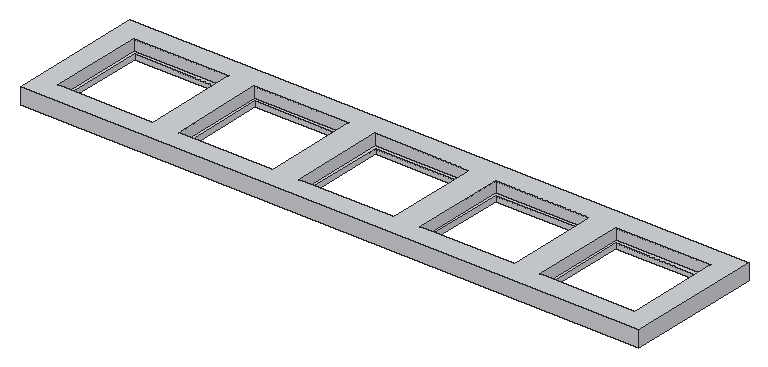
Revit family "Gira_021509", category Electrical Fixtures, host Face, Revit 2017
Family settings
  Host = Face
  Maintain Annotation Orientation = No
  Round Connector Dimension = Use Diameter
  Part Type = Normal
  Cut with Voids When Loaded = No
  Shared = No
  Room Calculation Point = No
Parameters (values of type "Cov.fr. 5-g Gira E2 black m")
  URL = "http://katalog.gira.de/en/datenblatt.html?artikelnr=021509"
  Transparent = "No"
  Name = "Cov.fr. 5-g Gira E2 black m"
  Manufacturer URL = "https://www.gira.de/"
  Manufacturer = "Gira"
  Label space/information surface = "No"
  Keynote = ""
  HeinzeBIM = "https://bimportal.heinze.de/bim/cov-fr-5-g-gira-e2-black-m/da90fc21c47c34b58688960860b85996749ca775"
  HAN = "021509"
  GTIN = "4010337036906"
  Description = "Cov.fr.5g E2 BKm,Gira E2 cover frame,black matt,5-gang,Features:,- Shatter-proof.,,Notes :,- Also suitable for duct installation.,- In connection with the seal kit, frame (1-gang to 5-gang) is also suitable for installation as water-protected flush-mounted IP44."
  Default Elevation = 1219.2 mm
  Data sheet (1) = "https://katalog.gira.de/en/download.html?artikelnr=021509"
  Category = "Cover frame for domestic switching devices"
  BIM (1) = "https://media.stage.bim.site/public/gira/36a6b08/E2_Rahmen_5fach.rfa"
  Available = "No"
Reference planes
  plane 1 "Center (Front/Back)": y = 0
  plane 2: z = 0
  plane 3 "Center (Left/Right)": x = 0
Forms (mm)
  Extrusion 1, solid, detail levels fine
    sketch origin (0, 0, 0) x (1, 0, 0) y (0, 1, 0)
      loop
        line (183, 40.4) -> (-183, 40.4) -> (-183, -40.4) -> (183, -40.4) -> (183, 40.4)
      loop
        line (114.548, 28.052) -> (114.548, -28.052) -> (170.652, -28.052) -> (170.652, 28.052) -> (114.548, 28.052)
      loop
        line (43.248, 28.052) -> (43.248, -28.052) -> (99.352, -28.052) -> (99.352, 28.052) -> (43.248, 28.052)
      loop
        line (-28.052, 28.052) -> (-28.052, -28.052) -> (28.052, -28.052) -> (28.052, 28.052) -> (-28.052, 28.052)
      loop
        line (-99.352, 28.052) -> (-99.352, -28.052) -> (-43.248, -28.052) -> (-43.248, 28.052) -> (-99.352, 28.052)
      loop
        line (-170.652, 28.052) -> (-170.652, -28.052) -> (-114.548, -28.052) -> (-114.548, 28.052) -> (-170.652, 28.052)
    from 0 to 9.3
  Extrusion 2, solid, detail levels fine
    sketch origin (-142.5, 0, 0) x (1, 0, 0) y (0, 1, 0)
      loop
        line (-28.152, -28.152) -> (28.152, -28.152) -> (28.152, 28.152) -> (-28.152, 28.152) -> (-28.152, -28.152)
      loop
        line (25.9, -25.7) -> (25.9, 25.7) -> (-25.9, 25.7) -> (-25.9, -25.7) -> (25.9, -25.7)
    from 0 to 3
  Extrusion 3, solid, detail levels coarse+medium
    sketch origin (0, 0, 0) x (1, 0, 0) y (0, 1, 0)
      loop
        line (183, 40.4) -> (-183, 40.4) -> (-183, -40.4) -> (183, -40.4) -> (183, 40.4)
    from 0 to 9.3
  Extrusion 4, solid, detail levels fine
    sketch origin (0.1, -0.047, 0) x (1, 0, 0) y (0, 1, 0)
      loop
        line (-28.152, -28.106) -> (28.152, -28.106) -> (28.152, 28.199) -> (-28.152, 28.199) -> (-28.152, -28.106)
      loop
        line (25.9, -25.653) -> (25.9, 25.747) -> (-25.9, 25.747) -> (-25.9, -25.653) -> (25.9, -25.653)
    from 0 to 3
  Extrusion 5, solid, detail levels fine
    sketch origin (142.5, -0.047, 0) x (1, 0, 0) y (0, 1, 0)
      loop
        line (-27.952, -28.006) -> (28.152, -28.006) -> (28.152, 28.099) -> (-27.952, 28.099) -> (-27.952, -28.006)
      loop
        line (26, -25.653) -> (26, 25.747) -> (-25.9, 25.747) -> (-25.9, -25.653) -> (26, -25.653)
    from 0 to 3
  Extrusion 6, solid, detail levels fine
    sketch origin (71.2, -0.047, 0) x (1, 0, 0) y (0, 1, 0)
      loop
        line (-27.952, -28.006) -> (28.152, -28.006) -> (28.152, 28.099) -> (-27.952, 28.099) -> (-27.952, -28.006)
      loop
        line (26, -25.653) -> (26, 25.747) -> (-25.9, 25.747) -> (-25.9, -25.653) -> (26, -25.653)
    from 0 to 3
  Extrusion 7, solid, detail levels fine
    sketch origin (-71.2, -0.047, 0) x (1, 0, 0) y (0, 1, 0)
      loop
        line (-28.152, -28.106) -> (28.152, -28.106) -> (28.152, 28.199) -> (-28.152, 28.199) -> (-28.152, -28.106)
      loop
        line (25.9, -25.653) -> (25.9, 25.747) -> (-25.9, 25.747) -> (-25.9, -25.653) -> (25.9, -25.653)
    from 0 to 3
Dimensions and locks
  aligned and locked: plane 2 to host face
  aligned and locked: level to host face
